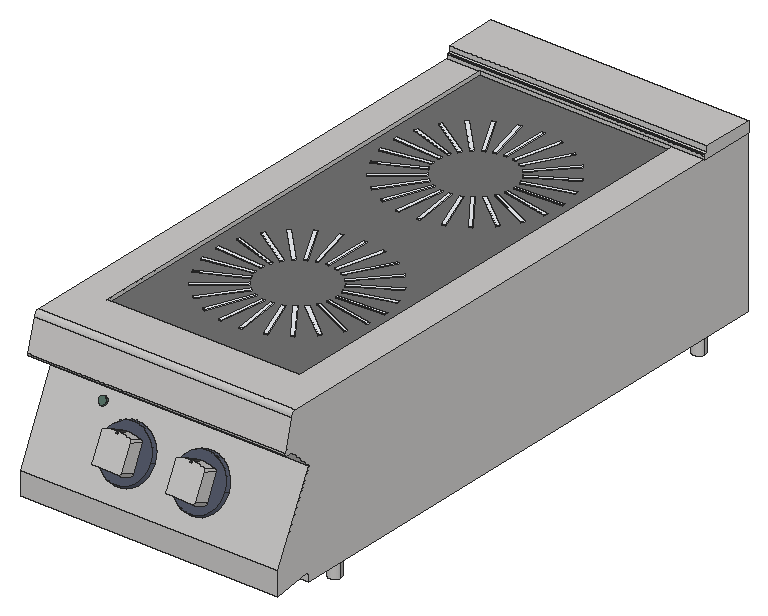
Revit family "QF_ZANUSSI_392044_Z9IRED2000", category Specialty Equipment, Revit 2018
Family settings
  Round Connector Dimension = Use Diameter
  Part Type = Normal
  Work Plane-Based = No
  Always vertical = Yes
  Cut with Voids When Loaded = No
  Shared = No
  Room Calculation Point = No
Parameters
  Width = 400 mm  # constant formula
  Weight in Pounds = 35  # constant formula
  Weight = 0.00 kg
  Watts = 0 W
  Volts = 400 V  # constant formula
  URL Manufacturer = "http://www.zanussiprofessional.com"
  URL Cutsheet = "www.electrolux.com/foodservice"
  URL = "http://www.zanussiprofessional.com"
  Type Mark [instance] = ""
  Steam Supply Size = 0"
  Steam Supply Minimum Pressure = 0.00 psi
  Steam Supply Maximum Pressure = 0.00 psi
  Steam Pounds per Hour = 0
  Status [instance] = ""
  Specification by User [instance] = ""
  Specification by Manufacturer = ""
  Show Logo [instance] = yes
  Show Clearance [instance] = yes
  Serial Number = ""
  Seismic Rating = ""
  SMACNA No = ""
  Revision Code [instance] = ""
  Refrigeration Suction Line Size = 0"
  Refrigeration Liquid Line Size = 0"
  Refrigerant Compressor Remote = yes
  Phase = 3  # constant formula
  Omniclass Number and Title = ""
  Number of Poles [instance] = 1
  NAFEM Spec ID Number = ""
  Model = "Z9IRED2000"
  Min Ckt Ampacity = 0 A
  Max Overcurrent Protection = 0 A
  Masterspec = ""
  Manufacturer = "Zanussi"
  Length Actual = 400 mm  # constant formula
  Item Number [instance] = "392044"
  Installed By [instance] = ""
  Identify Quantity as Lot [instance] = yes
  Hot Water Size = 0"
  Height Actual = 250 mm  # constant formula
  Height = 290 mm  # constant formula
  HP = "9.1 HP"
  Gas Size = 0"
  Gas KW = 0
  Gas Input Pressure = 0.0 Btu/h
  Furnished By [instance] = ""
  Foodservice Equipment Identifier [instance] = yes
  FL Amps = if(Phase = 3, Watts / (Volts * 1.73), Watts / Volts)  # 0 A
  Electrical Remarks [instance] = "400 V/3N ph/50/60 Hz"  # constant formula
  Electric Connection Type [instance] = ""
  Elec Conn RI Height [instance] = 0 mm
  Elec Conn Connection Height [instance] = 0 mm
  Direct Waste Size = 0"
  Description = "ELECTRIC INFRARED COOKING TOP 400 MM"
  Depth Actual = 900 mm  # constant formula
  Depth = 915 mm  # constant formula
  Cycle = if([60 Hertz Option], 60 Hz, 50 Hz)  # 60 Hz
  Conn Plug = ""
  Conn Conduit = yes
  Condensate Return Size = 0"
  Compressed Air Volume = 0 GPM
  Compressed Air Size = 0"
  Compressed Air Pressure = 0.00 psi
  Cold Water Size = 0"
  CSI MasterFormat = ""
  CSI Master Format = ""
  Base Height [instance] = 24 mm  # constant formula
  Apparent Power = if(Phase = 3, Volts * FL Amps * 1.73, Volts * FL Amps)  # 0 VA
  Accessory = yes
  60 Hertz Option = not([50 Hertz Option])  # yes
  50 Hertz Option = no
Reference planes
  plane 1 "BACK": y = 0
  plane 2: z = 0
  plane 3 "LEFT": x = 0
  plane 4 "RIGHT": x = 400
  plane 5 "FRONT": y = -915
  plane 6 "TOP": z = 290
  plane 7 "Center Y": x = 200
  plane 8 "Center X": y = -457.5
  plane 9 "BASE": z = 24
  plane 10 "TOP A": z = 274
  plane 11: y = -790
  plane 12: y = -82
  plane 13: z = 55
  plane 14: y = 39
Forms (mm)
  Extrusion 1, solid, material "QF_Finishes_Stainless Steel"
    sketch origin (0, 0, 0) x (0, 1, 0) y (0, 0, 1)
      loop
        line (0, 24) -> (0, 274) -> (-879.358, 274)
        arc (-879.358, 274) -> (-884.643, 271.811) -> (-886.833, 266.526) r 7.474
        line (-886.833, 266.526) -> (-899.884, 221.011)
        arc (-899.884, 221.011) -> (-899.396, 218.379) -> (-897, 217.184) r 3
        line (-897, 217.184) -> (-886.802, 217.184) -> (-854.982, 185.364) -> (-915, 64.508) -> (-915, 29.508) -> (-858.645, 37.428)
        arc (-858.645, 37.428) -> (-856.101, 36.674) -> (-855, 34.259) r 3.2
        line (-855, 34.259) -> (-855, 24) -> (0, 24)
    from 0 to 400
  Extrusion 2, void
    sketch origin (0, 0, 275) x (-1, 0, 0) y (0, -1, 0)
      loop
        line (-50, 85) -> (-50, 810) -> (-350, 810) -> (-350, 85) -> (-50, 85)
    from 0 to -6.35
  Extrusion 3, solid, material "QF_Finishes_Stainless Steel"
    sketch origin (0, 0, 0) x (1, 0, 0) y (0, 1, 0)
      loop
        circle (11.112, -82) r 9.525
      loop
        circle (388.887, -82) r 9.525
      loop
        circle (11.112, -790) r 9.525
      loop
        circle (388.887, -790) r 9.525
    from 0 to 24
  Extrusion 4, solid, material "QF_Clearances", visible <- "Show Clearance", detail levels coarse
    sketch origin (0, 0, 0) x (1, 0, 0) y (0, 1, 0)
      loop
        line (0, -915) -> (0, 0) -> (400, 0) -> (400, -915) -> (550.019, -915) -> (550.019, 150.019) -> (-150.019, 150.019) -> (-150.019, -915) -> (0, -915)
    from 0 to 290
  Extrusion 5, solid, material "QF_Finishes_Stainless Steel"
    sketch origin (800, 0, 0) x (0, 1, 0) y (0, 0, 1)
      loop
        line (0, 290) -> (-80, 290) -> (-80, 282.447)
        arc (-80, 282.447) -> (-80.635, 280.914) -> (-82.167, 280.279) r 2.167
        line (-82.167, 280.279) -> (-83.733, 280.279)
        arc (-83.733, 280.279) -> (-84.629, 279.908) -> (-85, 279.012) r 1.267
        line (-85, 279.012) -> (-85, 274) -> (0, 274) -> (0, 290)
    from -800 to -400
  Revolve 6, solid, material "QF_Finishes_Stainless Steel"
    sketch origin (340, 0, 0) x (0, 1, 0) y (0, 0, 1)
      loop
        line (0, 55) -> (39, 55) -> (39, 71.995) -> (5, 71.995) -> (5, 65) -> (0, 65) -> (0, 55)
      axis (39, 55) -> (0, 55)
    angle from 0 to 360
  Blend 7, solid, material "QF_Finishes_Navy Blue"
    base sketch origin (142.5, -884.991, 124.936) x (1, 0, 0) y (0, 0.444781, 0.895639)
      loop
        circle (0, 0) r 42.5
    top sketch origin (142.5, -884.991, 124.936) x (1, 0, 0) y (0, 0.444781, 0.895639)
      loop
        circle (0, 0) r 40.5
    from 0 to 5
  Extrusion 8, solid, material "QF_Finishes_Stainless Steel"
    sketch origin (142.5, -884.991, 124.936) x (1, 0, 0) y (0, 0.444781, 0.895639)
      loop
        arc (-21.147, 22.789) -> (-22.494, 21.685) -> (-23, 20.019) r 2.997
        line (-23, 20.019) -> (-23, -20.019)
        arc (-23, -20.019) -> (-22.122, -22.138) -> (-20.003, -23.016) r 2.997
        line (-20.003, -23.016) -> (20.003, -23.016)
        arc (20.003, -23.016) -> (22.122, -22.138) -> (23, -20.019) r 2.997
        line (23, -20.019) -> (23, 20.019)
        arc (23, 20.019) -> (22.494, 21.685) -> (21.147, 22.789) r 2.997
        arc (21.147, 22.789) -> (0, 26.984) -> (-21.147, 22.789) r 55.4
    from 10 to 34
  Extrusion 9, solid, material "QF_Plastic-Black-Matte"
    sketch origin (200, -884.991, 124.936) x (0, 0.444781, 0.895639) y (0, -0.895639, 0.444781)
      loop
        line (26.984, 34) -> (26.984, 19) -> (27.984, 19) -> (27.984, 34)
        arc (27.984, 34) -> (27.691, 34.707) -> (26.984, 35) r 1
        line (26.984, 35) -> (23.984, 35) -> (23.984, 34) -> (26.984, 34)
    from -58.5 to -56.5
  Extrusion 10, solid, material "QF_Finishes_DarkGreen"
    sketch origin (142.5, -862.752, 169.718) x (1, 0, 0) y (0, 0.444781, 0.895639)
      loop
        circle (-55.001, 0) r 6
    from 0 to 1.6
  Extrusion 11, solid, material "QF_Finishes_Stainless Steel"
    sketch origin (142.5, -884.991, 124.936) x (1, 0, 0) y (0, 0.444781, 0.895639)
      loop
        line (17.5, 17.5) -> (-17.5, 17.5) -> (-17.5, -17.5) -> (17.5, -17.5) -> (17.5, 17.5)
    from 5 to 10
  Blend 12, solid, material "QF_Finishes_Navy Blue"
    base sketch origin (257.5, -884.991, 124.936) x (1, 0, 0) y (0, 0.444781, 0.895639)
      loop
        circle (0, 0) r 42.5
    top sketch origin (257.5, -884.991, 124.936) x (1, 0, 0) y (0, 0.444781, 0.895639)
      loop
        circle (0, 0) r 40.5
    from 0 to 5
  Extrusion 13, solid, material "QF_Finishes_Stainless Steel"
    sketch origin (257.5, -884.991, 124.936) x (1, 0, 0) y (0, 0.444781, 0.895639)
      loop
        arc (-21.147, 22.789) -> (-22.494, 21.685) -> (-23, 20.019) r 2.997
        line (-23, 20.019) -> (-23, -20.019)
        arc (-23, -20.019) -> (-22.122, -22.138) -> (-20.003, -23.016) r 2.997
        line (-20.003, -23.016) -> (20.003, -23.016)
        arc (20.003, -23.016) -> (22.122, -22.138) -> (23, -20.019) r 2.997
        line (23, -20.019) -> (23, 20.019)
        arc (23, 20.019) -> (22.494, 21.685) -> (21.147, 22.789) r 2.997
        arc (21.147, 22.789) -> (0, 26.984) -> (-21.147, 22.789) r 55.4
    from 10 to 34
  Extrusion 14, solid, material "QF_Finishes_Stainless Steel"
    sketch origin (257.5, -884.991, 124.936) x (1, 0, 0) y (0, 0.444781, 0.895639)
      loop
        line (17.5, 17.5) -> (-17.5, 17.5) -> (-17.5, -17.5) -> (17.5, -17.5) -> (17.5, 17.5)
    from 5 to 10
  Extrusion 15, solid, material "QF_Plastic-Black-Matte"
    sketch origin (200, -884.991, 124.936) x (0, 0.444781, 0.895639) y (0, 0.895639, -0.444781)
      loop
        line (26.984, -34) -> (23.984, -34) -> (23.984, -35) -> (26.984, -35)
        arc (26.984, -35) -> (27.691, -34.707) -> (27.984, -34) r 1
        line (27.984, -34) -> (27.984, -19) -> (26.984, -19) -> (26.984, -34)
    from -58.5 to -56.5
Cuts and joins
  Extrusion 2 cuts Extrusion 1
Lines and regions (mm)
  Split face 1
    outline origin (142.401, -889.469, 127.16) x (1, 0, 0) y (0, 0.444781, 0.895639)
      loop
        line (-8.901, 38.561) -> (-8.901, 28.561) -> (-2.901, 28.561) -> (-2.901, 38.561) -> (-8.901, 38.561)
  Split face 2
    outline origin (142.401, -889.469, 127.16) x (1, 0, 0) y (0, 0.444781, 0.895639)
      loop
        line (-8.401, 38.061) -> (-8.401, 29.061) -> (-3.401, 29.061) -> (-3.401, 38.061) -> (-8.401, 38.061)
  Split face 3
    outline origin (142.401, -889.469, 127.16) x (1, 0, 0) y (0, 0.444781, 0.895639)
      loop
        line (-8.401, 34.061) -> (-3.401, 34.061)
  Split face 4
    outline origin (142.401, -889.469, 127.16) x (1, 0, 0) y (0, 0.444781, 0.895639)
      loop
        line (-8.401, 33.561) -> (-3.401, 33.561)
  Split face 5
    outline origin (142.401, -889.469, 127.16) x (1, 0, 0) y (0, 0.444781, 0.895639)
      loop
        circle (-5.901, 31.311) r 2.029
  Split face 6
    outline origin (142.5, -889.469, 127.16) x (0, -0.444781, -0.895639) y (1, 0, 0)
      loop
        circle (-34, 0) r 1.5
  Split face 7
    outline origin (257.5, -889.469, 127.16) x (0, -0.444781, -0.895639) y (1, 0, 0)
      loop
        circle (-34, 0) r 1.5
  Split face 8
    outline origin (251.5, -889.469, 127.16) x (1, 0, 0) y (0, 0.444781, 0.895639)
      loop
        line (-3, 38.561) -> (-3, 28.561) -> (3, 28.561) -> (3, 38.561) -> (-3, 38.561)
  Split face 9
    outline origin (251.5, -889.469, 127.16) x (1, 0, 0) y (0, 0.444781, 0.895639)
      loop
        line (-2.5, 38.061) -> (-2.5, 29.061) -> (2.5, 29.061) -> (2.5, 38.061) -> (-2.5, 38.061)
  Split face 10
    outline origin (251.5, -889.469, 127.16) x (1, 0, 0) y (0, 0.444781, 0.895639)
      loop
        line (-2.5, 33.561) -> (2.5, 33.561)
  Split face 11
    outline origin (251.5, -889.469, 127.16) x (1, 0, 0) y (0, 0.444781, 0.895639)
      loop
        line (-2.5, 33.061) -> (2.5, 33.061)
  Split face 12
    outline origin (251.5, -889.469, 127.16) x (1, 0, 0) y (0, 0.444781, 0.895639)
      loop
        circle (0, 35.811) r 2.031
  Split face 13
    outline origin (142.5, -889.469, 127.16) x (0.5, 0.385192, 0.775646) y (-0.866025, 0.222391, 0.44782)
      loop
        circle (-34, 0) r 1.5
  Split face 14
    outline origin (142.5, -889.469, 127.16) x (0.766044, -0.2859, -0.575706) y (0.642788, 0.340722, 0.686099)
      loop
        circle (-34, 0) r 1.5
  Split face 15
    outline origin (142.5, -889.469, 127.16) x (0.984808, 0.077235, 0.155526) y (-0.173648, 0.438024, 0.882032)
      loop
        circle (-34, 0) r 1.5
  Split face 16
    outline origin (142.5, -889.469, 127.16) x (0.984808, 0.077235, 0.155526) y (0.173648, -0.438024, -0.882032)
      loop
        circle (31.95, 11.629) r 1.5
  Split face 17
    outline origin (142.5, -889.469, 127.16) x (-0.5, 0.385192, 0.775646) y (0.866025, 0.222391, 0.44782)
      loop
        circle (-34, 0) r 1.5
  Split face 18
    outline origin (142.5, -889.469, 127.16) x (-0.766044, -0.2859, -0.575706) y (-0.642788, 0.340722, 0.686099)
      loop
        circle (-34, 0) r 1.5
  Split face 19
    outline origin (257.5, -889.469, 127.16) x (0.5, 0.385192, 0.775646) y (-0.866025, 0.222391, 0.44782)
      loop
        circle (-34, 0) r 1.5
  Split face 20
    outline origin (257.5, -889.469, 127.16) x (0.766044, -0.2859, -0.575706) y (0.642788, 0.340722, 0.686099)
      loop
        circle (-34, 0) r 1.5
  Split face 21
    outline origin (257.5, -889.469, 127.16) x (0.984808, 0.077235, 0.155526) y (-0.173648, 0.438024, 0.882032)
      loop
        circle (-34, 0) r 1.5
  Split face 22
    outline origin (257.5, -889.469, 127.16) x (-0.5, 0.385192, 0.775646) y (0.866025, 0.222391, 0.44782)
      loop
        circle (-34, 0) r 1.5
  Split face 23
    outline origin (257.5, -889.469, 127.16) x (-0.766044, -0.2859, -0.575706) y (-0.642788, 0.340722, 0.686099)
      loop
        circle (-34, 0) r 1.5
  Split face 24
    outline origin (257.5, -889.469, 127.16) x (-0.984808, 0.077235, 0.155526) y (0.173648, 0.438024, 0.882032)
      loop
        circle (-34, 0) r 1.5
  symbolic lines, style "QF_Clearances", visible <- "Show Clearance", detail levels coarse
    curve 1: line (-150.019, 150.019, 274) -> (-150.019, -916.377, 274)
    curve 2: line (550.019, 150.019, 274) -> (-150.019, 150.019, 274)
    curve 3: line (550.019, -916.377, 274) -> (550.019, 150.019, 274)
  symbolic lines
    curve 4: line (0, 0, 274) -> (400, 0, 274)
    curve 5: line (0, -915, 274) -> (0, 0, 274)
    curve 6: line (400, 0, 274) -> (400, -915, 274)
    curve 7: line (50, -810, 268.65) -> (50, -110, 268.65)
    curve 8: line (50, -110, 268.65) -> (350, -110, 268.65)
    curve 9: line (350, -110, 268.65) -> (350, -810, 268.65)
    curve 10: line (350, -810, 268.65) -> (50, -810, 268.65)
    curve 11: line (0, -85, 268.65) -> (400, -85, 268.65)
    curve 12: line (0, -80, 268.65) -> (400, -80, 268.65)
    curve 13: line (0, -900, 0) -> (400.05, -900, 0)
    curve 14: line (119.525, -900, 0) -> (119.525, -924.347, 0)
    curve 15: arc (119.525, -924.347, 0) -> (119.671, -924.811, 0) -> (120.057, -925.107, 0) r 0.809
    curve 16: arc (120.057, -925.107, 0) -> (121.245, -925.587, 0) -> (122.522, -925.68, 0) r 4.127
    curve 17: arc (119.525, -904.292, 0) -> (114.484, -902.458, 0) -> (109.716, -900, 0) r 42.24
    curve 18: arc (119.525, -906.539, 0) -> (120.027, -905.818, 0) -> (120.824, -905.448, 0) r 1.682
    curve 19: arc (120.824, -905.448, 0) -> (131.127, -903.95, 0) -> (141.525, -903.441, 0) r 109.079
    curve 20: line (141.525, -900, 0) -> (141.525, -905.671, 0)
    curve 21: line (141.525, -905.671, 0) -> (143.525, -905.671, 0)
    curve 22: line (143.525, -905.671, 0) -> (143.525, -900, 0)
    curve 23: line (165.525, -900, 0) -> (165.525, -924.347, 0)
    curve 24: arc (165.525, -924.347, 0) -> (165.379, -924.811, 0) -> (164.993, -925.107, 0) r 0.809
    curve 25: arc (164.993, -925.107, 0) -> (163.805, -925.587, 0) -> (162.528, -925.68, 0) r 4.127
    curve 26: arc (165.525, -904.292, 0) -> (170.566, -902.458, 0) -> (175.334, -900, 0) r 42.24
    curve 27: arc (165.525, -906.539, 0) -> (165.023, -905.818, 0) -> (164.226, -905.448, 0) r 1.682
    curve 28: arc (164.226, -905.448, 0) -> (153.923, -903.95, 0) -> (143.525, -903.441, 0) r 109.079
    curve 29: line (122.522, -925.68, 0) -> (162.528, -925.68, 0)
    curve 30: line (280.525, -900, 0) -> (280.525, -924.347, 0)
    curve 31: arc (280.525, -924.347, 0) -> (280.379, -924.811, 0) -> (279.993, -925.107, 0) r 0.809
    curve 32: arc (279.993, -925.107, 0) -> (278.805, -925.587, 0) -> (277.528, -925.68, 0) r 4.127
    curve 33: arc (280.525, -904.292, 0) -> (285.566, -902.458, 0) -> (290.334, -900, 0) r 42.24
    curve 34: arc (280.525, -906.539, 0) -> (280.023, -905.818, 0) -> (279.226, -905.448, 0) r 1.682
    curve 35: arc (279.226, -905.448, 0) -> (268.923, -903.95, 0) -> (258.525, -903.441, 0) r 109.079
    curve 36: line (258.525, -900, 0) -> (258.525, -905.671, 0)
    curve 37: line (258.525, -905.671, 0) -> (256.525, -905.671, 0)
    curve 38: line (256.525, -905.671, 0) -> (256.525, -900, 0)
    curve 39: line (234.525, -900, 0) -> (234.525, -924.347, 0)
    curve 40: arc (234.525, -924.347, 0) -> (234.671, -924.811, 0) -> (235.057, -925.107, 0) r 0.809
    curve 41: arc (235.057, -925.107, 0) -> (236.245, -925.587, 0) -> (237.522, -925.68, 0) r 4.127
    curve 42: arc (234.525, -904.292, 0) -> (229.484, -902.458, 0) -> (224.716, -900, 0) r 42.24
    curve 43: arc (234.525, -906.539, 0) -> (235.027, -905.818, 0) -> (235.824, -905.448, 0) r 1.682
    curve 44: arc (235.824, -905.448, 0) -> (246.127, -903.95, 0) -> (256.525, -903.441, 0) r 109.079
    curve 45: line (277.528, -925.68, 0) -> (237.522, -925.68, 0)
    curve 46: line (165.525, -915, 0) -> (234.525, -915, 0)
    curve 47: line (280.525, -915, 0) -> (400.05, -915, 0)
    curve 48: line (0, -915, 0) -> (119.525, -915, 0)
Dimensions and locks
  equal spacing: plane 3 "LEFT", plane 7 "Center Y", plane 4 "RIGHT"
  "Width": plane 3 "LEFT" to plane 4 "RIGHT"
  equal spacing: plane 5 "FRONT", plane 8 "Center X", plane 1 "BACK"
  "Depth": plane 5 "FRONT" to plane 1 "BACK"
  "Height": plane 6 "TOP" to level
  "Base Height": plane 9 "BASE" to level
  plane 1 "BACK" to plane 5 "FRONT" = 915 mm
  plane 10 "TOP A" to plane 9 "BASE" = 250 mm  (x2)
  plane 1 "BACK" to plane 12 = 82 mm
  locked: plane 12 to plane 11 at 708
  plane 6 "TOP" to level = 290 mm
  plane 9 "BASE" to level = 24 mm
  plane 12 to plane 1 "BACK" = 82 mm
  plane 11 to plane 12 = 708 mm
  plane 6 "TOP" to plane 2 = 290 mm
  Extrusion 3 sketch curve to plane 1 "BACK" = 82 mm
  Extrusion 3 sketch curve to plane 12 = 708 mm
  plane 13 to plane 2 = 55 mm
  plane 14 to plane 1 "BACK" = 39 mm
  aligned and locked: level to plane 2
Automatic sketch dimensions
  curve 6 to plane 4 "RIGHT" = 0 mm
  curve 5 to plane 3 "LEFT" = 0 mm
  plane 1 "BACK" to curve 5 = 0 mm
  plane 4 "RIGHT" to curve 3 = 150.019 mm
  plane 5 "FRONT" to curve 1 = 1.377 mm
  curve 1 to plane 3 "LEFT" = 150.019 mm
  plane 14 to curve 1 = 111.019 mm
  plane 5 "FRONT" to curve 3 = 1.377 mm
  plane 12 to Extrusion 2 sketch curve = 3 mm
  Extrusion 2 sketch curve to plane 4 "RIGHT" = 50 mm
  plane 11 to Extrusion 2 sketch curve = 20 mm
  plane 3 "LEFT" to Extrusion 2 sketch curve = 50 mm
  plane 11 to Extrusion 3 sketch curve = 0 mm
  plane 12 to Extrusion 3 sketch curve = 0 mm
  plane 3 "LEFT" to Extrusion 3 sketch curve = 11.112 mm  (x2)
  Extrusion 3 sketch curve to plane 4 "RIGHT" = 11.113 mm  (x2)
  Extrusion 4 sketch curve to plane 3 "LEFT" = 0 mm
  plane 1 "BACK" to Extrusion 4 sketch curve = 0 mm
  Extrusion 4 sketch curve to plane 4 "RIGHT" = 0 mm
  Extrusion 4 sketch curve to plane 3 "LEFT" = 150.019 mm
  plane 5 "FRONT" to Extrusion 4 sketch curve = 0 mm  (x2)
  plane 4 "RIGHT" to Extrusion 4 sketch curve = 150.019 mm
  plane 14 to Extrusion 4 sketch curve = 111.019 mm
  Extrusion 2 to curve 11 = 0 mm
  Extrusion 2 to curve 10 = 0 mm
  curve 10 to Extrusion 2 = 0 mm  (x2)
  Extrusion 2 to curve 12 = 5 mm
  Extrusion 2 to curve 12 = 50 mm  (x2)
  curve 11 to curve 12 = 0 mm  (x2)
  curve 7 to Extrusion 2 = 25 mm
  Extrusion 5 sketch curve to plane 10 "TOP A" = 0 mm
  Extrusion 5 sketch curve to plane 6 "TOP" = 0 mm
  Extrusion 5 sketch curve to plane 1 "BACK" = 0 mm
  Extrusion 5 sketch curve to plane 12 = 2 mm
  plane 12 to Extrusion 5 sketch curve = 0.167 mm
  Extrusion 5 sketch curve to Extrusion 5 sketch curve = 1.566 mm
  plane 12 to Extrusion 5 sketch curve = 3 mm
  Extrusion 5 sketch curve to Extrusion 5 sketch curve = 5.012 mm
  Revolve 6 sketch curve to plane 13 = 0 mm  (x2)
  Revolve 6 sketch curve to plane 1 "BACK" = 0 mm
  Revolve 6 sketch curve to plane 14 = 0 mm
  plane 1 "BACK" to Revolve 6 sketch curve = 15 mm
  Revolve 6 sketch curve to Revolve 6 sketch curve = 15 mm
  Revolve 6 sketch curve to plane 1 "BACK" = 5 mm
  plane 13 to Revolve 6 sketch curve = 10 mm
  Revolve 6 sketch curve to Revolve 6 sketch curve = 6.995 mm
  Extrusion 1 sketch curve to plane 10 "TOP A" = 0 mm
  Extrusion 1 sketch curve to plane 9 "BASE" = 0 mm
  plane 9 "BASE" to Extrusion 1 sketch curve = 5.508 mm
  plane 5 "FRONT" to Extrusion 1 sketch curve = 0 mm
  Extrusion 1 sketch curve to plane 10 "TOP A" = 52.989 mm
  Extrusion 1 sketch curve to Extrusion 1 sketch curve = 15.116 mm
  Extrusion 1 sketch curve to Extrusion 1 sketch curve = 2.884 mm
  Extrusion 1 sketch curve to plane 10 "TOP A" = 7.474 mm
  Extrusion 1 sketch curve to Extrusion 1 sketch curve = 13.051 mm
  Extrusion 1 sketch curve to Extrusion 1 sketch curve = 10.198 mm
  plane 9 "BASE" to Extrusion 1 sketch curve = 13.428 mm
  Extrusion 1 sketch curve to Extrusion 1 sketch curve = 56.355 mm
  Extrusion 1 sketch curve to Extrusion 1 sketch curve = 0.445 mm
  Extrusion 1 sketch curve to Extrusion 1 sketch curve = 3.2 mm
  Extrusion 1 sketch curve to plane 10 "TOP A" = 88.636 mm
  Extrusion 1 sketch curve to Extrusion 1 sketch curve = 31.82 mm
  Extrusion 1 sketch curve to plane 11 = 790 mm
  plane 13 to Extrusion 1 sketch curve = 9.508 mm
  Extrusion 1 sketch curve to Extrusion 1 sketch curve = 3.827 mm
  Split face 1 sketch curve to Split face 1 sketch curve = 6 mm
  Split face 1 sketch curve to Split face 1 sketch curve = 10 mm
  Split face 2 sketch curve to Split face 2 sketch curve = 5 mm
  Split face 2 sketch curve to Split face 2 sketch curve = 9 mm
  Split face 3 sketch curve to Split face 3 sketch curve = 5 mm
  Split face 4 sketch curve to Split face 4 sketch curve = 5 mm
  Split face 8 sketch curve to Split face 8 sketch curve = 6 mm
  Split face 8 sketch curve to Split face 8 sketch curve = 10 mm
  Split face 9 sketch curve to Split face 9 sketch curve = 5 mm
  Split face 9 sketch curve to Split face 9 sketch curve = 9 mm
  Split face 10 sketch curve to Split face 10 sketch curve = 5 mm
  Split face 11 sketch curve to Split face 11 sketch curve = 5 mm
  Blend 7 sketch curve to plane 7 "Center Y" = 57.5 mm  (x2)
  Extrusion 8 sketch curve to plane 7 "Center Y" = 80.5 mm
  Extrusion 8 sketch curve to Extrusion 8 sketch curve = 2.997 mm  (x3)
  Extrusion 8 sketch curve to Extrusion 8 sketch curve = 20.003 mm  (x2)
  Extrusion 8 sketch curve to plane 7 "Center Y" = 37.497 mm
  Extrusion 8 sketch curve to Extrusion 8 sketch curve = 5.399 mm
  Extrusion 8 sketch curve to Extrusion 8 sketch curve = 40.037 mm
  Extrusion 8 sketch curve to Extrusion 8 sketch curve = 0 mm  (x2)
  Extrusion 9 sketch curve to plane 5 "FRONT" = 9.329 mm
  plane 13 to Extrusion 9 sketch curve = 106.984 mm
  Extrusion 9 sketch curve to Extrusion 9 sketch curve = 3 mm
  Extrusion 9 sketch curve to Extrusion 9 sketch curve = 0 mm  (x2)
  Extrusion 9 sketch curve to Extrusion 9 sketch curve = 1 mm
  Extrusion 9 sketch curve to Extrusion 9 sketch curve = 15 mm
  plane 3 "LEFT" to Extrusion 10 sketch curve = 87.499 mm
  Extrusion 11 sketch curve to plane 7 "Center Y" = 75 mm
  Extrusion 11 sketch curve to Extrusion 11 sketch curve = 35 mm  (x2)
  plane 7 "Center Y" to Blend 12 sketch curve = 57.5 mm  (x2)
  plane 7 "Center Y" to Extrusion 13 sketch curve = 34.5 mm
  Extrusion 13 sketch curve to Extrusion 13 sketch curve = 2.997 mm  (x3)
  Extrusion 13 sketch curve to Extrusion 13 sketch curve = 20.003 mm  (x2)
  Extrusion 13 sketch curve to Extrusion 13 sketch curve = 40.005 mm
  Extrusion 13 sketch curve to Extrusion 13 sketch curve = 5.399 mm
  Extrusion 13 sketch curve to Extrusion 13 sketch curve = 40.037 mm
  Extrusion 13 sketch curve to Extrusion 13 sketch curve = 0 mm  (x2)
  plane 7 "Center Y" to Extrusion 14 sketch curve = 40 mm
  Extrusion 14 sketch curve to Extrusion 14 sketch curve = 35 mm  (x2)
  Extrusion 15 sketch curve to plane 5 "FRONT" = 9.329 mm
  plane 13 to Extrusion 15 sketch curve = 106.984 mm
  Extrusion 15 sketch curve to Extrusion 15 sketch curve = 3 mm
  Extrusion 15 sketch curve to Extrusion 15 sketch curve = 0 mm
  Extrusion 15 sketch curve to Extrusion 15 sketch curve = 1 mm  (x2)
  Extrusion 15 sketch curve to Extrusion 15 sketch curve = 15 mm
  plane 5 "FRONT" to curve 6 = 0 mm
  plane 5 "FRONT" to curve 5 = 0 mm
  curve 48 to plane 3 "LEFT" = 0 mm
  curve 13 to plane 3 "LEFT" = 0 mm
  plane 5 "FRONT" to curve 48 = 0 mm
  plane 5 "FRONT" to curve 46 = 0 mm
  plane 5 "FRONT" to curve 47 = 0 mm
  curve 15 to curve 18 = 0.774 mm
  curve 15 to curve 16 = 1.846 mm
  curve 18 to curve 17 = 10.309 mm
  curve 19 to plane 7 "Center Y" = 58.344 mm
  curve 19 to curve 28 = 1.738 mm
  curve 17 to curve 26 = 22.215 mm
  plane 5 "FRONT" to curve 25 = 6.567 mm
  curve 25 to plane 7 "Center Y" = 37.129 mm
  curve 25 to curve 27 = 1.071 mm
  curve 25 to curve 24 = 1.846 mm
  plane 7 "Center Y" to curve 40 = 35.334 mm
  curve 40 to curve 43 = 0.774 mm
  curve 40 to curve 41 = 1.846 mm
  curve 43 to curve 42 = 10.309 mm
  plane 7 "Center Y" to curve 44 = 56.656 mm
  curve 44 to curve 35 = 1.738 mm
  curve 42 to curve 33 = 22.215 mm
  plane 5 "FRONT" to curve 32 = 6.567 mm
  curve 32 to curve 34 = 1.071 mm
  curve 44 to curve 35 = 0 mm
  curve 19 to curve 28 = 0 mm
  curve 24 to curve 25 = 2.779 mm
  curve 31 to curve 32 = 2.779 mm
  curve 40 to curve 41 = 2.779 mm
  curve 15 to curve 16 = 2.779 mm
  curve 27 to plane 5 "FRONT" = 7.894 mm
  curve 17 to curve 26 = 0 mm
  curve 42 to curve 33 = 0 mm
  curve 17 to curve 18 = 11.392 mm
  curve 15 to curve 15 = 0.809 mm
  curve 15 to curve 15 = 0.277 mm
  curve 18 to curve 18 = 0.284 mm
  curve 15 to curve 16 = 2.465 mm
  curve 20 to plane 5 "FRONT" = 9.329 mm
  curve 18 to curve 20 = 20.417 mm
  curve 20 to curve 22 = 2 mm
  curve 29 to curve 24 = 2.189 mm
  curve 27 to curve 28 = 0.284 mm
  curve 24 to curve 24 = 0.277 mm
  curve 28 to curve 26 = 1.299 mm
  curve 23 to curve 26 = 9.809 mm
  curve 42 to curve 43 = 11.392 mm
  curve 39 to curve 40 = 0.809 mm
  curve 40 to curve 40 = 0.277 mm
  curve 44 to curve 43 = 0.284 mm
  curve 41 to curve 41 = 2.465 mm
  curve 43 to curve 44 = 20.417 mm
  curve 38 to curve 36 = 2 mm
  curve 32 to curve 31 = 2.189 mm
  curve 34 to curve 35 = 0.284 mm
  curve 31 to curve 31 = 0.277 mm
  curve 35 to curve 33 = 1.299 mm
  curve 31 to curve 31 = 0.809 mm
  curve 30 to curve 33 = 9.809 mm
  plane 4 "RIGHT" to curve 13 = 0.05 mm
  plane 4 "RIGHT" to curve 47 = 0.05 mm
  curve 27 to curve 27 = 0.567 mm
  curve 43 to curve 43 = 0.567 mm
  curve 18 to curve 18 = 0.567 mm
  curve 34 to curve 34 = 0.567 mm
  curve 38 to plane 5 "FRONT" = 9.329 mm
  curve 28 to curve 26 = 1.156 mm
  curve 44 to curve 42 = 1.156 mm
  curve 19 to curve 17 = 1.156 mm
  curve 35 to curve 33 = 1.156 mm
  curve 19 to curve 20 = 3.441 mm
  curve 26 to curve 23 = 4.292 mm
  curve 42 to curve 39 = 4.292 mm
  curve 33 to curve 30 = 4.292 mm
  curve 44 to curve 38 = 3.441 mm
  curve 17 to curve 14 = 4.292 mm
  radius of Extrusion 3 sketch curve = 9.525 mm  (x4)
  radius of Split face 5 sketch curve = 2.029 mm
  radius of Split face 6 sketch curve = 1.5 mm
  radius of Split face 7 sketch curve = 1.5 mm
  radius of Split face 12 sketch curve = 2.031 mm
  radius of Split face 13 sketch curve = 1.5 mm
  radius of Split face 14 sketch curve = 1.5 mm
  radius of Split face 15 sketch curve = 1.5 mm
  radius of Split face 16 sketch curve = 1.5 mm
  radius of Split face 17 sketch curve = 1.5 mm
  radius of Split face 18 sketch curve = 1.5 mm
  radius of Split face 19 sketch curve = 1.5 mm
  radius of Split face 20 sketch curve = 1.5 mm
  radius of Split face 21 sketch curve = 1.5 mm
  radius of Split face 22 sketch curve = 1.5 mm
  radius of Split face 23 sketch curve = 1.5 mm
  radius of Split face 24 sketch curve = 1.5 mm
  radius of Blend 7 sketch curve = 42.5 mm
  radius of Blend 7 sketch curve = 40.5 mm
  radius of Extrusion 10 sketch curve = 6 mm
  radius of Blend 12 sketch curve = 42.5 mm
  radius of Blend 12 sketch curve = 40.5 mm
Nested families
  nested 1: "QF_392044_INDUCTION BURNER" at (68.5, -148.911, 268.65), type "QF_392044_INDUCTION BURNER"
    with Type Mark "", Status "", Specification by User "", Revision Code "", Item Number "", Installed By "", Identify Quantity as Lot yes, Furnished By "", Foodservice Equipment Identifier yes
  nested 2: "QF_392044_INDUCTION BURNER" at (68.5, -494.622, 268.65), type "QF_392044_INDUCTION BURNER"
    with Type Mark "", Status "", Specification by User "", Revision Code "", Item Number "", Installed By "", Identify Quantity as Lot yes, Furnished By "", Foodservice Equipment Identifier yes
Connectors
  electrical at (340, 39, 55), driven by "Volts", driven by "Watts"
    settings: on Revolve 6, index 1, voltage 400 V, apparent load 0 VA, apparent load phase1 0 VA, apparent load phase2 0 VA, apparent load phase3 0 VA, power factor 1, load classification "Other", number of poles 1, system type 30, power factor state 1, is connector primary yes, connector utility no, sub classification motor no, connector description "ELECTRICAL CONNECTION"
Definition of nested family "QF_392044_INDUCTION BURNER"
  Parameters
    Weight in Pounds = 0
    URL Cutsheet = ""
    Type Mark [instance] = ""
    Status [instance] = ""
    Specification by User [instance] = ""
    Specification by Manufacturer = ""
    Serial Number = ""
    Seismic Rating = ""
    SMACNA No = ""
    Revision Code [instance] = ""
    Omniclass Number and Title = ""
    NAFEM Spec ID Number = ""
    Masterspec = ""
    Item Number [instance] = ""
    Installed By [instance] = ""
    Identify Quantity as Lot [instance] = yes
    Furnished By [instance] = ""
    Foodservice Equipment Identifier [instance] = yes
    CSI MasterFormat = ""
    CSI Master Format = ""
    Assembly Code = ""
  Reference planes
    plane 1 "BACK": y = 0
    plane 2: z = 0
    plane 3 "LEFT": x = 0
    plane 4 "RIGHT": x = 263
    plane 5 "FRONT": y = -263
    plane 6 "TOP": z = 0.794
    plane 7 "Center Y": x = 131.5
    plane 8 "Center X": y = -131.5
  Forms (mm)
    Extrusion 1, solid
      sketch origin (0, 0, 0) x (1, 0, 0) y (0, 1, 0)
        loop
          line (134, -73.314) -> (134, 0) -> (129, 0) -> (129, -73.314) -> (134, -73.314)
        loop
          line (119.451, -74.521) -> (101.219, -3.51) -> (96.376, -4.753) -> (114.608, -75.764) -> (119.451, -74.521)
        loop
          line (105.66, -79.307) -> (70.34, -15.061) -> (65.959, -17.47) -> (101.278, -81.716) -> (105.66, -79.307)
        loop
          line (93.492, -87.373) -> (43.304, -33.929) -> (39.66, -37.352) -> (89.847, -90.796) -> (93.492, -87.373)
        loop
          line (83.712, -98.212) -> (21.81, -58.928) -> (19.131, -63.15) -> (81.033, -102.433) -> (83.712, -98.212)
        loop
          line (5.664, -93.242) -> (75.39, -115.897) -> (76.935, -111.142) -> (7.209, -88.487) -> (5.664, -93.242)
        loop
          line (73.586, -125.351) -> (0.416, -120.748) -> (0.103, -125.738) -> (73.272, -130.342) -> (73.586, -125.351)
        loop
          line (73.876, -139.947) -> (1.861, -153.685) -> (2.798, -158.596) -> (74.813, -144.859) -> (73.876, -139.947)
        loop
          line (77.788, -154.012) -> (11.451, -185.228) -> (13.58, -189.752) -> (79.916, -158.536) -> (77.788, -154.012)
        loop
          line (85.074, -166.663) -> (28.584, -213.395) -> (31.771, -217.248) -> (88.261, -170.515) -> (85.074, -166.663)
        loop
          line (95.277, -177.104) -> (52.184, -236.416) -> (56.229, -239.355) -> (99.322, -180.043) -> (95.277, -177.104)
        loop
          line (107.756, -184.679) -> (80.767, -252.845) -> (85.416, -254.686) -> (112.405, -186.52) -> (107.756, -184.679)
        loop
          line (121.727, -188.914) -> (112.538, -261.65) -> (117.499, -262.276) -> (126.688, -189.54) -> (121.727, -188.914)
        loop
          line (143.549, -74.521) -> (148.392, -75.764) -> (166.624, -4.753) -> (161.781, -3.51) -> (143.549, -74.521)
        loop
          line (157.34, -79.307) -> (161.722, -81.716) -> (197.041, -17.47) -> (192.66, -15.061) -> (157.34, -79.307)
        loop
          line (169.508, -87.373) -> (173.153, -90.796) -> (223.34, -37.352) -> (219.696, -33.929) -> (169.508, -87.373)
        loop
          line (179.288, -98.212) -> (181.967, -102.433) -> (243.869, -63.15) -> (241.19, -58.928) -> (179.288, -98.212)
        loop
          line (257.336, -93.242) -> (255.791, -88.487) -> (186.065, -111.142) -> (187.61, -115.897) -> (257.336, -93.242)
        loop
          line (189.414, -125.351) -> (189.728, -130.342) -> (262.897, -125.738) -> (262.584, -120.748) -> (189.414, -125.351)
        loop
          line (189.124, -139.947) -> (188.187, -144.859) -> (260.202, -158.596) -> (261.139, -153.685) -> (189.124, -139.947)
        loop
          line (185.212, -154.012) -> (183.084, -158.536) -> (249.42, -189.752) -> (251.549, -185.228) -> (185.212, -154.012)
        loop
          line (177.926, -166.663) -> (174.739, -170.515) -> (231.229, -217.248) -> (234.416, -213.395) -> (177.926, -166.663)
        loop
          line (167.723, -177.104) -> (163.678, -180.043) -> (206.771, -239.355) -> (210.816, -236.416) -> (167.723, -177.104)
        loop
          line (155.244, -184.679) -> (150.595, -186.52) -> (177.584, -254.686) -> (182.233, -252.845) -> (155.244, -184.679)
        loop
          line (141.273, -188.914) -> (136.312, -189.54) -> (145.501, -262.276) -> (150.462, -261.65) -> (141.273, -188.914)
      from 0 to 0.8
  Lines and regions (mm)
    symbolic lines
      curve 1: line (134, -73.314, 0) -> (134, 0, 0)
      curve 2: line (134, 0, 0) -> (129, 0, 0)
      curve 3: line (129, 0, 0) -> (129, -73.314, 0)
      curve 4: line (129, -73.314, 0) -> (134, -73.314, 0)
      curve 5: line (148.392, -75.764, 0) -> (166.624, -4.753, 0)
      curve 6: line (166.624, -4.753, 0) -> (161.781, -3.51, 0)
      curve 7: line (161.781, -3.51, 0) -> (143.549, -74.521, 0)
      curve 8: line (143.549, -74.521, 0) -> (148.392, -75.764, 0)
      curve 9: line (119.451, -74.521, 0) -> (101.219, -3.51, 0)
      curve 10: line (101.219, -3.51, 0) -> (96.376, -4.753, 0)
      curve 11: line (96.376, -4.753, 0) -> (114.608, -75.764, 0)
      curve 12: line (114.608, -75.764, 0) -> (119.451, -74.521, 0)
      curve 13: line (105.66, -79.307, 0) -> (70.34, -15.061, 0)
      curve 14: line (70.34, -15.061, 0) -> (65.959, -17.47, 0)
      curve 15: line (65.959, -17.47, 0) -> (101.278, -81.716, 0)
      curve 16: line (101.278, -81.716, 0) -> (105.66, -79.307, 0)
      curve 17: line (93.492, -87.373, 0) -> (43.304, -33.929, 0)
      curve 18: line (43.304, -33.929, 0) -> (39.66, -37.352, 0)
      curve 19: line (39.66, -37.352, 0) -> (89.847, -90.796, 0)
      curve 20: line (89.847, -90.796, 0) -> (93.492, -87.373, 0)
      curve 21: line (83.712, -98.212, 0) -> (21.81, -58.928, 0)
      curve 22: line (21.81, -58.928, 0) -> (19.131, -63.15, 0)
      curve 23: line (19.131, -63.15, 0) -> (81.033, -102.433, 0)
      curve 24: line (81.033, -102.433, 0) -> (83.712, -98.212, 0)
      curve 25: line (76.935, -111.142, 0) -> (7.209, -88.487, 0)
      curve 26: line (7.209, -88.487, 0) -> (5.664, -93.242, 0)
      curve 27: line (5.664, -93.242, 0) -> (75.39, -115.897, 0)
      curve 28: line (75.39, -115.897, 0) -> (76.935, -111.142, 0)
      curve 29: line (73.586, -125.351, 0) -> (0.416, -120.748, 0)
      curve 30: line (0.416, -120.748, 0) -> (0.103, -125.738, 0)
      curve 31: line (0.103, -125.738, 0) -> (73.272, -130.342, 0)
      curve 32: line (73.272, -130.342, 0) -> (73.586, -125.351, 0)
      curve 33: line (73.876, -139.947, 0) -> (1.861, -153.685, 0)
      curve 34: line (1.861, -153.685, 0) -> (2.798, -158.596, 0)
      curve 35: line (2.798, -158.596, 0) -> (74.813, -144.859, 0)
      curve 36: line (74.813, -144.859, 0) -> (73.876, -139.947, 0)
      curve 37: line (77.788, -154.012, 0) -> (11.451, -185.228, 0)
      curve 38: line (11.451, -185.228, 0) -> (13.58, -189.752, 0)
      curve 39: line (13.58, -189.752, 0) -> (79.916, -158.536, 0)
      curve 40: line (79.916, -158.536, 0) -> (77.788, -154.012, 0)
      curve 41: line (85.074, -166.663, 0) -> (28.584, -213.395, 0)
      curve 42: line (28.584, -213.395, 0) -> (31.771, -217.248, 0)
      curve 43: line (31.771, -217.248, 0) -> (88.261, -170.515, 0)
      curve 44: line (88.261, -170.515, 0) -> (85.074, -166.663, 0)
      curve 45: line (95.277, -177.104, 0) -> (52.184, -236.416, 0)
      curve 46: line (52.184, -236.416, 0) -> (56.229, -239.355, 0)
      curve 47: line (56.229, -239.355, 0) -> (99.322, -180.043, 0)
      curve 48: line (99.322, -180.043, 0) -> (95.277, -177.104, 0)
      curve 49: line (107.756, -184.679, 0) -> (80.767, -252.845, 0)
      curve 50: line (80.767, -252.845, 0) -> (85.416, -254.686, 0)
      curve 51: line (85.416, -254.686, 0) -> (112.405, -186.52, 0)
      curve 52: line (112.405, -186.52, 0) -> (107.756, -184.679, 0)
      curve 53: line (121.727, -188.914, 0) -> (112.538, -261.65, 0)
      curve 54: line (112.538, -261.65, 0) -> (117.499, -262.276, 0)
      curve 55: line (117.499, -262.276, 0) -> (126.688, -189.54, 0)
      curve 56: line (126.688, -189.54, 0) -> (121.727, -188.914, 0)
      curve 57: line (136.312, -189.54, 0) -> (145.501, -262.276, 0)
      curve 58: line (145.501, -262.276, 0) -> (150.462, -261.65, 0)
      curve 59: line (150.462, -261.65, 0) -> (141.273, -188.914, 0)
      curve 60: line (141.273, -188.914, 0) -> (136.312, -189.54, 0)
      curve 61: line (150.595, -186.52, 0) -> (177.584, -254.686, 0)
      curve 62: line (177.584, -254.686, 0) -> (182.233, -252.845, 0)
      curve 63: line (182.233, -252.845, 0) -> (155.244, -184.679, 0)
      curve 64: line (155.244, -184.679, 0) -> (150.595, -186.52, 0)
      curve 65: line (163.678, -180.043, 0) -> (206.771, -239.355, 0)
      curve 66: line (206.771, -239.355, 0) -> (210.816, -236.416, 0)
      curve 67: line (210.816, -236.416, 0) -> (167.723, -177.104, 0)
      curve 68: line (167.723, -177.104, 0) -> (163.678, -180.043, 0)
      curve 69: line (174.739, -170.515, 0) -> (231.229, -217.248, 0)
      curve 70: line (231.229, -217.248, 0) -> (234.416, -213.395, 0)
      curve 71: line (234.416, -213.395, 0) -> (177.926, -166.663, 0)
      curve 72: line (177.926, -166.663, 0) -> (174.739, -170.515, 0)
      curve 73: line (183.084, -158.536, 0) -> (249.42, -189.752, 0)
      curve 74: line (249.42, -189.752, 0) -> (251.549, -185.228, 0)
      curve 75: line (251.549, -185.228, 0) -> (185.212, -154.012, 0)
      curve 76: line (185.212, -154.012, 0) -> (183.084, -158.536, 0)
      curve 77: line (188.187, -144.859, 0) -> (260.202, -158.596, 0)
      curve 78: line (260.202, -158.596, 0) -> (261.139, -153.685, 0)
      curve 79: line (261.139, -153.685, 0) -> (189.124, -139.947, 0)
      curve 80: line (189.124, -139.947, 0) -> (188.187, -144.859, 0)
      curve 81: line (189.728, -130.342, 0) -> (262.897, -125.738, 0)
      curve 82: line (262.897, -125.738, 0) -> (262.584, -120.748, 0)
      curve 83: line (262.584, -120.748, 0) -> (189.414, -125.351, 0)
      curve 84: line (189.414, -125.351, 0) -> (189.728, -130.342, 0)
      curve 85: line (187.61, -115.897, 0) -> (257.336, -93.242, 0)
      curve 86: line (257.336, -93.242, 0) -> (255.791, -88.487, 0)
      curve 87: line (255.791, -88.487, 0) -> (186.065, -111.142, 0)
      curve 88: line (186.065, -111.142, 0) -> (187.61, -115.897, 0)
      curve 89: line (181.967, -102.433, 0) -> (243.869, -63.15, 0)
      curve 90: line (243.869, -63.15, 0) -> (241.19, -58.928, 0)
      curve 91: line (241.19, -58.928, 0) -> (179.288, -98.212, 0)
      curve 92: line (179.288, -98.212, 0) -> (181.967, -102.433, 0)
      curve 93: line (173.153, -90.796, 0) -> (223.34, -37.352, 0)
      curve 94: line (223.34, -37.352, 0) -> (219.696, -33.929, 0)
      curve 95: line (219.696, -33.929, 0) -> (169.508, -87.373, 0)
      curve 96: line (169.508, -87.373, 0) -> (173.153, -90.796, 0)
      curve 97: line (161.722, -81.716, 0) -> (197.041, -17.47, 0)
      curve 98: line (197.041, -17.47, 0) -> (192.66, -15.061, 0)
      curve 99: line (192.66, -15.061, 0) -> (157.34, -79.307, 0)
      curve 100: line (157.34, -79.307, 0) -> (161.722, -81.716, 0)
  Dimensions and locks
    equal spacing: plane 3 "LEFT", plane 7 "Center Y", plane 4 "RIGHT"
    plane 3 "LEFT" to plane 4 "RIGHT" = 263 mm
    equal spacing: plane 5 "FRONT", plane 8 "Center X", plane 1 "BACK"
    plane 5 "FRONT" to plane 1 "BACK" = 263 mm
    plane 6 "TOP" to level = 0.794 mm
    aligned and locked: level to plane 2
  Automatic sketch dimensions
    plane 1 "BACK" to curve 1 = 0 mm
    plane 3 "LEFT" to curve 31 = 0.103 mm
    plane 3 "LEFT" to curve 33 = 1.861 mm
    plane 3 "LEFT" to curve 26 = 5.664 mm
    plane 3 "LEFT" to curve 38 = 11.451 mm
    curve 37 to curve 39 = 2.129 mm
    plane 3 "LEFT" to curve 22 = 19.131 mm
    curve 38 to curve 42 = 15.004 mm
    curve 21 to curve 18 = 17.849 mm
    plane 1 "BACK" to curve 14 = 15.061 mm
    curve 14 to curve 14 = 4.382 mm
    plane 8 "Center X" to curve 32 = 1.158 mm
    curve 32 to curve 29 = 0.314 mm
    curve 31 to curve 36 = 0.604 mm
    curve 33 to plane 8 "Center X" = 8.447 mm
    curve 33 to curve 35 = 0.937 mm
    curve 29 to curve 28 = 1.803 mm
    plane 8 "Center X" to curve 27 = 15.603 mm
    curve 27 to curve 25 = 1.545 mm
    curve 36 to curve 40 = 2.974 mm
    curve 37 to plane 8 "Center X" = 22.512 mm
    curve 25 to curve 23 = 4.098 mm
    curve 23 to curve 21 = 2.679 mm
    curve 39 to curve 41 = 5.157 mm
    curve 49 to curve 51 = 4.649 mm
    curve 50 to plane 5 "FRONT" = 8.314 mm
    curve 41 to curve 44 = 3.187 mm
    curve 21 to curve 19 = 6.135 mm
    curve 19 to curve 17 = 3.645 mm
    curve 43 to curve 45 = 7.016 mm
    curve 45 to curve 47 = 4.045 mm
    curve 10 to curve 9 = 4.843 mm
    plane 1 "BACK" to curve 10 = 3.51 mm
    curve 17 to curve 16 = 7.786 mm
    curve 47 to curve 49 = 8.434 mm
    curve 13 to curve 11 = 8.949 mm
    curve 54 to plane 5 "FRONT" = 0.724 mm
    curve 53 to curve 54 = 4.961 mm
    curve 56 to plane 7 "Center Y" = 4.812 mm
    curve 2 to plane 7 "Center Y" = 2.5 mm
    plane 7 "Center Y" to curve 1 = 2.5 mm
    plane 7 "Center Y" to curve 57 = 4.812 mm
    plane 7 "Center Y" to curve 58 = 14.001 mm
    curve 57 to plane 5 "FRONT" = 0.724 mm
    curve 58 to curve 58 = 4.961 mm
    curve 59 to curve 64 = 9.322 mm
    curve 61 to curve 64 = 4.649 mm
    curve 5 to curve 100 = 8.949 mm
    plane 1 "BACK" to curve 6 = 3.51 mm
    curve 63 to curve 65 = 8.434 mm
    curve 6 to curve 6 = 4.843 mm
    curve 65 to curve 67 = 4.045 mm
    curve 97 to curve 96 = 7.786 mm
    curve 95 to curve 96 = 3.645 mm
    curve 67 to curve 72 = 7.016 mm
    curve 62 to plane 5 "FRONT" = 8.314 mm
    curve 69 to curve 71 = 3.187 mm
    curve 93 to curve 92 = 6.135 mm
    curve 71 to curve 76 = 5.157 mm
    curve 73 to curve 76 = 2.129 mm
    curve 75 to plane 8 "Center X" = 22.512 mm
    curve 89 to curve 88 = 4.098 mm
    plane 8 "Center X" to curve 88 = 15.603 mm
    curve 75 to curve 77 = 2.974 mm
    curve 79 to plane 8 "Center X" = 8.447 mm
    curve 77 to curve 79 = 0.937 mm
    curve 85 to curve 84 = 1.803 mm
    plane 8 "Center X" to curve 84 = 1.158 mm
    curve 83 to curve 84 = 0.314 mm
    plane 1 "BACK" to curve 98 = 15.061 mm
    curve 98 to curve 98 = 4.382 mm
    curve 66 to curve 70 = 20.413 mm
    curve 91 to plane 4 "RIGHT" = 21.81 mm
    curve 90 to curve 90 = 2.679 mm
    curve 74 to plane 4 "RIGHT" = 13.58 mm
    curve 86 to plane 4 "RIGHT" = 7.209 mm
    curve 86 to curve 86 = 1.545 mm
    curve 79 to plane 4 "RIGHT" = 1.861 mm
    curve 82 to plane 4 "RIGHT" = 0.103 mm
    curve 46 to curve 46 = 2.939 mm
    curve 45 to curve 42 = 19.169 mm
    curve 66 to curve 70 = 19.169 mm
    curve 69 to curve 71 = 3.853 mm
    curve 56 to curve 60 = 0 mm
    curve 55 to curve 53 = 0.627 mm
    curve 57 to curve 59 = 0.627 mm
    curve 53 to curve 52 = 2.394 mm
    curve 59 to curve 61 = 2.394 mm
    curve 73 to curve 75 = 4.524 mm
    curve 51 to curve 49 = 1.841 mm
    curve 61 to curve 63 = 1.841 mm
    curve 49 to curve 48 = 4.637 mm
    curve 63 to curve 65 = 4.637 mm
    curve 65 to curve 67 = 2.939 mm
    curve 67 to curve 72 = 6.589 mm
    curve 45 to curve 44 = 6.589 mm
    curve 43 to curve 44 = 3.853 mm
    curve 39 to curve 37 = 4.524 mm
    curve 77 to curve 78 = 4.911 mm
    curve 34 to curve 33 = 4.911 mm
    plane 8 "Center X" to curve 31 = 5.762 mm
    plane 8 "Center X" to curve 81 = 5.762 mm
    curve 30 to curve 30 = 4.99 mm
    curve 81 to curve 83 = 4.99 mm
    curve 87 to curve 89 = 8.709 mm
    curve 25 to curve 23 = 8.709 mm
    curve 23 to curve 21 = 4.222 mm
    curve 91 to curve 96 = 7.416 mm
    curve 21 to curve 20 = 7.416 mm
    curve 26 to curve 26 = 4.755 mm
    curve 86 to curve 86 = 4.755 mm
    curve 19 to curve 20 = 3.423 mm
    curve 93 to curve 95 = 3.423 mm
    curve 17 to curve 16 = 5.657 mm
    curve 95 to curve 97 = 5.657 mm
    curve 16 to curve 13 = 2.409 mm
    curve 97 to curve 100 = 2.409 mm
    curve 99 to curve 8 = 3.543 mm
    curve 13 to curve 11 = 3.543 mm
    curve 5 to curve 8 = 1.243 mm
    curve 11 to curve 12 = 1.243 mm
    curve 9 to curve 3 = 1.206 mm
    curve 90 to curve 91 = 4.222 mm
    curve 91 to curve 94 = 21.576 mm
    plane 1 "BACK" to Extrusion 1 sketch curve = 0 mm
    plane 3 "LEFT" to Extrusion 1 sketch curve = 0.103 mm
    plane 3 "LEFT" to Extrusion 1 sketch curve = 0.416 mm
    plane 3 "LEFT" to Extrusion 1 sketch curve = 1.861 mm
    plane 3 "LEFT" to Extrusion 1 sketch curve = 2.798 mm
    plane 3 "LEFT" to Extrusion 1 sketch curve = 5.664 mm
    Extrusion 1 sketch curve to Extrusion 1 sketch curve = 1.545 mm  (x2)
    plane 3 "LEFT" to Extrusion 1 sketch curve = 11.451 mm
    Extrusion 1 sketch curve to Extrusion 1 sketch curve = 2.129 mm  (x2)
    plane 3 "LEFT" to Extrusion 1 sketch curve = 19.131 mm
    Extrusion 1 sketch curve to Extrusion 1 sketch curve = 2.679 mm  (x2)
    Extrusion 1 sketch curve to Extrusion 1 sketch curve = 15.004 mm
    Extrusion 1 sketch curve to Extrusion 1 sketch curve = 3.187 mm  (x2)
    Extrusion 1 sketch curve to Extrusion 1 sketch curve = 17.849 mm
    plane 1 "BACK" to Extrusion 1 sketch curve = 33.929 mm
    Extrusion 1 sketch curve to Extrusion 1 sketch curve = 3.645 mm  (x2)
    Extrusion 1 sketch curve to Extrusion 1 sketch curve = 20.413 mm  (x2)
    Extrusion 1 sketch curve to plane 5 "FRONT" = 23.645 mm  (x2)
    Extrusion 1 sketch curve to Extrusion 1 sketch curve = 4.045 mm  (x2)
    Extrusion 1 sketch curve to Extrusion 1 sketch curve = 22.654 mm  (x2)
    plane 1 "BACK" to Extrusion 1 sketch curve = 15.061 mm  (x2)
    Extrusion 1 sketch curve to Extrusion 1 sketch curve = 4.382 mm  (x2)
    plane 8 "Center X" to Extrusion 1 sketch curve = 1.158 mm  (x2)
    Extrusion 1 sketch curve to plane 7 "Center Y" = 58.228 mm
    Extrusion 1 sketch curve to plane 8 "Center X" = 8.447 mm  (x2)
    Extrusion 1 sketch curve to Extrusion 1 sketch curve = 0.604 mm
    plane 8 "Center X" to Extrusion 1 sketch curve = 15.603 mm  (x2)
    Extrusion 1 sketch curve to Extrusion 1 sketch curve = 1.803 mm  (x2)
    Extrusion 1 sketch curve to plane 8 "Center X" = 22.512 mm  (x2)
    Extrusion 1 sketch curve to Extrusion 1 sketch curve = 2.974 mm  (x2)
    Extrusion 1 sketch curve to plane 5 "FRONT" = 10.155 mm
    Extrusion 1 sketch curve to Extrusion 1 sketch curve = 24.538 mm  (x2)
    Extrusion 1 sketch curve to Extrusion 1 sketch curve = 4.098 mm  (x2)
    Extrusion 1 sketch curve to Extrusion 1 sketch curve = 5.157 mm  (x2)
    Extrusion 1 sketch curve to plane 5 "FRONT" = 8.314 mm  (x2)
    Extrusion 1 sketch curve to Extrusion 1 sketch curve = 4.649 mm  (x2)
    Extrusion 1 sketch curve to Extrusion 1 sketch curve = 6.135 mm  (x2)
    Extrusion 1 sketch curve to Extrusion 1 sketch curve = 7.016 mm  (x2)
    plane 1 "BACK" to Extrusion 1 sketch curve = 4.753 mm
    Extrusion 1 sketch curve to Extrusion 1 sketch curve = 26.036 mm  (x2)
    plane 1 "BACK" to Extrusion 1 sketch curve = 3.51 mm  (x2)
    Extrusion 1 sketch curve to Extrusion 1 sketch curve = 4.843 mm  (x2)
    Extrusion 1 sketch curve to Extrusion 1 sketch curve = 7.786 mm  (x2)
    Extrusion 1 sketch curve to Extrusion 1 sketch curve = 8.434 mm  (x2)
    Extrusion 1 sketch curve to plane 5 "FRONT" = 1.35 mm
    Extrusion 1 sketch curve to plane 7 "Center Y" = 18.962 mm
    Extrusion 1 sketch curve to Extrusion 1 sketch curve = 8.949 mm  (x2)
    Extrusion 1 sketch curve to plane 5 "FRONT" = 0.724 mm  (x2)
    Extrusion 1 sketch curve to Extrusion 1 sketch curve = 4.961 mm  (x2)
    Extrusion 1 sketch curve to Extrusion 1 sketch curve = 9.322 mm  (x2)
    Extrusion 1 sketch curve to plane 7 "Center Y" = 2.5 mm
    plane 7 "Center Y" to Extrusion 1 sketch curve = 2.5 mm
    plane 7 "Center Y" to Extrusion 1 sketch curve = 4.812 mm
    Extrusion 1 sketch curve to Extrusion 1 sketch curve = 9.549 mm
    plane 7 "Center Y" to Extrusion 1 sketch curve = 14.001 mm
    Extrusion 1 sketch curve to Extrusion 1 sketch curve = 27.781 mm
    Extrusion 1 sketch curve to Extrusion 1 sketch curve = 27.122 mm
    plane 8 "Center X" to Extrusion 1 sketch curve = 29.067 mm
    plane 8 "Center X" to Extrusion 1 sketch curve = 20.358 mm
    Extrusion 1 sketch curve to plane 8 "Center X" = 13.359 mm
    Extrusion 1 sketch curve to Extrusion 1 sketch curve = 0.937 mm
    plane 8 "Center X" to Extrusion 1 sketch curve = 6.149 mm
    Extrusion 1 sketch curve to Extrusion 1 sketch curve = 0.314 mm
    Extrusion 1 sketch curve to plane 4 "RIGHT" = 21.81 mm
    Extrusion 1 sketch curve to plane 4 "RIGHT" = 13.58 mm
    Extrusion 1 sketch curve to plane 4 "RIGHT" = 7.209 mm
    Extrusion 1 sketch curve to plane 4 "RIGHT" = 2.798 mm
    Extrusion 1 sketch curve to plane 4 "RIGHT" = 0.416 mm
    Extrusion 1 sketch curve to Extrusion 1 sketch curve = 0.627 mm
    Extrusion 1 sketch curve to Extrusion 1 sketch curve = 1.841 mm
    Extrusion 1 sketch curve to Extrusion 1 sketch curve = 2.939 mm  (x2)
    Extrusion 1 sketch curve to Extrusion 1 sketch curve = 19.169 mm  (x2)
    Extrusion 1 sketch curve to Extrusion 1 sketch curve = 3.853 mm  (x2)
    Extrusion 1 sketch curve to Extrusion 1 sketch curve = 23.643 mm  (x2)
    Extrusion 1 sketch curve to plane 8 "Center X" = 27.096 mm
    plane 8 "Center X" to Extrusion 1 sketch curve = 5.762 mm
    Extrusion 1 sketch curve to Extrusion 1 sketch curve = 4.755 mm
    Extrusion 1 sketch curve to Extrusion 1 sketch curve = 8.709 mm
    Extrusion 1 sketch curve to Extrusion 1 sketch curve = 4.222 mm  (x2)
    Extrusion 1 sketch curve to Extrusion 1 sketch curve = 7.416 mm  (x2)
    Extrusion 1 sketch curve to Extrusion 1 sketch curve = 3.423 mm
    Extrusion 1 sketch curve to Extrusion 1 sketch curve = 5.657 mm  (x2)
    Extrusion 1 sketch curve to Extrusion 1 sketch curve = 3.543 mm
    Extrusion 1 sketch curve to Extrusion 1 sketch curve = 1.206 mm
